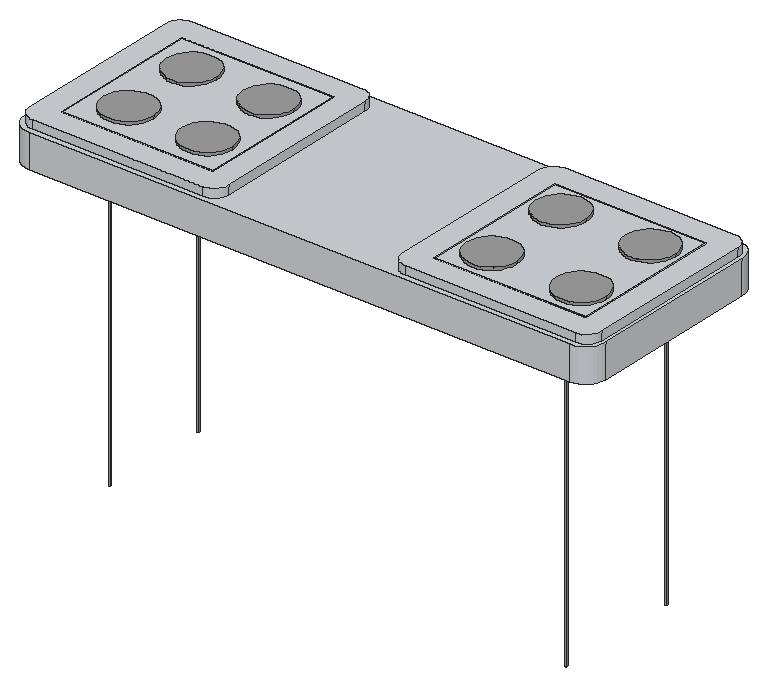
Revit family "LigULing-Industrial-GEWISS-SMART[4]UL_HIGHBAYS-LED_2M", category Apparecchi per illuminazione, Revit 2019
Family settings
  Quota connettore circolare = Usa diametro
  Tipo di parte = Normale
  Numero OmniClass = 23.80.70.00
  Titolo OmniClass = Lighting
  Basato su piano di lavoro = Sì
  Sempre verticale = No
  Taglio con vuoti quando caricato = No
  Sorgente d'illuminazione = No
  Condiviso = No
  Punto di calcolo locali = No
Parameters (values of type "GWS4220GP857 - SMART4HB 2M ST.AL.ON/OFF UL 90° 57K")
  Wiring = "Single wiring with anti-breathing cable exiting metallic PG (NO Connector)"
  Weight (kg): = "6,5"
  Warranty = "5 years"
  Voltaggio = 230 V
  Version file RFA = "20.11"
  Unique digital code (Datamatrix) = "Datamatrix"
  Unified Glare Rating = "UGR - 25"
  URL = "https://www.gewiss.com/ww/en"
  Type of light source = "LED - Not replaceable"
  Tilt- = "With bracket accessory"
  Technical sheet = "https://www.gewiss.com/ww/en/search?q=GWS4220GP857"
  System power = "129W"
  Supply voltage = "120-277 V"
  Stocking temperature = "-"
  Standards and approvals = "-"
  Standard- = "UL 1598 - CSA C22.2 No. 250.0-18"
  Standard Deviation Colour Matching = "SDCM = 3"
  Spostamento_y_etichetta [instance] = 0 mm
  Spostamento_y_effettivo_etichetta [instance] = 1500 mm - Spostamento_y_etichetta  # 1500 mm
  Spostamento_x_etichetta [instance] = 0 mm
  Spostamento_X_effettivo_etichetta [instance] = 1500 mm - Spostamento_x_etichetta  # 1500 mm
  Shock resistance = "IK08"
  Shield type = "Tempered glass Thickness 4mm"
  SEO = ""
  Realized by GEWISS S.p.A. = ""
  Rated frequency (Hz) = "50/60 Hz"
  Produttore = "GEWISS S.p.A."
  Photobiological Risk Class = "RG0"
  Overvoltage protection = "DM 6 kV / CM 10 kV"
  Optic and illuminating features = "-"
  Optic Maintenance = "Non-replaceable"
  Optic : = "Metallic PC reflector and PMMA lenses"
  Optic = "90°"
  Operating temperature : = "-25°C / +40 °C"
  Offset etichetta W [instance] = 150 mm
  Mouting and installation = "Ceiling - Wallmounting - Suspension"
  Modello = "GWS4220GP857"
  Maximum surface exposed to the wind : = "0,184 m²"
  Materials = "-"
  Luminaire = "LED Industrial Reflector "
  Lumen output (lm) = "17800"
  Locking Hook = "-"
  Lifetime = "L90B10 (Tq+25°C) = 100.000 h - L90B10 (Tq+40°C) = 50.000 h"
  Lampada = "LED"
  LED Maintenance = "Non-replaceable"
  Insulation class = "I"
  Installationa and maintenance = "-"
  Immagine tipo = GWL1311.jpg
  IPEA = "-"
  IP degree = "IP66"
  IFC.TypeObject = ""
  IFC.ExportType = ""
  IFC.ExportAs = ""
  IDT = "05376d21caf540b985b33c65cc7972c3"
  IDF = "efad7fad-bc59-42f2-b2a0-928aa5b78dfc"
  Glow Wire Test : = "850 °C"
  General information = "-"
  Gasket = "anti-aging silicone"
  Fixing = "-"
  External screw = "Stainless steel"
  Etichetta wattaggio [instance] = yes
  Trasformatore = none
  Struttura plafoniera = none
  Spessore plafoniera = 40 mm  # constant formula
  Default Elevation = 1219.2 mm  # constant formula
  Proiettsmart2_simb [instance] = yes
  Plafoniera bidimensionale [instance] = not(Proiettsmart2_simb)  # no
  Eletrical and lighting features = "-"
  Electrocod = "2444"
  Efficiency (lm/W) = "138"
  Driver Box = "Built-in"
  Driver = "Included"
  Device with reduced surface temperature = "Yes"
  Description = "SMART[4]HB 2M ST.AL.ON/OFF UL 90° 57K"
  DIN 18032-3 certification = "-"
  Control System : = "ON / OFF"
  Control System = "ON / OFF"
  Context = "Logistics and industrial manufacturing lighting"
  Commenti sul wattaggio = "97W"
  Colour temperature = "5700K"
  Colour : = "Grey RAL 7035"
  Colour = "Grey RAL 7035"
  Color Rendering Index = "CRI-80"
  Classificazione = Lighting
  Classification: = "-"
  Catalogue = "LIGHTING"
  Carico apparente = 97 VA
  Motore = none
  Mascherina = none
  Lunghezza = 699 mm  # constant formula
  Larghezza = 254 mm  # constant formula
  Distanza_tot_plafoniera [instance] = 350 mm
  Dist_sorg_lum = 10 mm  # constant formula
  COBie.Tagnumber = ""
  COBie.CreatedOn = ""
  COBie.CreatebBy = ""
  COBie.ComponentRegisterItemID = ""
  COBie.Component.TagNumber = ""
  COBie.Component.Space = ""
  COBie.Component.SerialNumber = ""
  COBie.Component.InstallationDate = ""
  COBie.Component.Description = ""
  COBie.Component.BarCode = ""
  Body = "PA6 \"Halogen Free\" loaded fibreglass"
  Application = "Internal"
Types (6, lengths in mm): name | Unified Glare Rating | Technical sheet | SEO | Optic : | Optic | Modello | Lumen output (lm) | IDT | Efficiency (lm/W) | Description | Colour temperature
  GWS4220GH840 - SMART4HB 2M ST.AL.ON/OFF UL 60° 40K | "UGR - 22" | "https://www.gewiss.com/ww/en/search?q=GWS4220GH840" | "" | "Metallic PC reflector and PMMA lenses" | "60°" | "GWS4220GH840" | "17500" | "97d5933927124bd8826c758e6a0542df" | "136" | "SMART[4]HB 2M ST.AL.ON/OFF UL 60° 40K" | "4000K"
  GWS4220GH857 - SMART4HB 2M ST.AL.ON/OFF UL 60° 57K | "UGR - 22" | "https://www.gewiss.com/ww/en/search?q=GWS4220GH857" | "" | "Metallic PC reflector and PMMA lenses" | "60°" | "GWS4220GH857" | "17500" | "1507181c991448608e9af723d8da7862" | "136" | "SMART[4]HB 2M ST.AL.ON/OFF UL 60° 57K" | "5700K"
  GWS4220GP840 - SMART4HB 2M ST.AL.ON/OFF UL 90° 40K | "UGR - 25" | "https://www.gewiss.com/ww/en/search?q=GWS4220GP840" | "" | "Metallic PC reflector and PMMA lenses" | "90°" | "GWS4220GP840" | "17800" | "dc7532d3af7f4ef48a0e9343ac62d3e8" | "138" | "SMART[4]HB 2M ST.AL.ON/OFF UL 90° 40K" | "4000K"
  GWS4220GP857 - SMART4HB 2M ST.AL.ON/OFF UL 90° 57K | "UGR - 25" | "https://www.gewiss.com/ww/en/search?q=GWS4220GP857" | "" | "Metallic PC reflector and PMMA lenses" | "90°" | "GWS4220GP857" | "17800" | "05376d21caf540b985b33c65cc7972c3" | "138" | "SMART[4]HB 2M ST.AL.ON/OFF UL 90° 57K" | "5700K"
  GWS4220GA840 - SMART4HB 2M ST.AL.ON/OFF UL ARR.40K | "UGR - 25" | "https://www.gewiss.com/ww/en/search?q=GWS4220GA840" | "High bay" | "Metallized polycarbonate reflector" | "Array" | "GWS4220GA840" | "17500" | "dc2a8f6b1f804ec080b8e0b0a216cd8e" | "136" | "SMART[4]HB 2M ST.AL.ON/OFF UL ARR.40K" | "4000K"
  GWS4220GA857 - SMART4HB 2M ST.AL.ON/OFF UL ARR.57K | "UGR - 25" | "https://www.gewiss.com/ww/en/search?q=GWS4220GA857" | "High bay" | "Metallized polycarbonate reflector" | "Array" | "GWS4220GA857" | "17500" | "5f982d92e69a42babe56401c97b4903c" | "136" | "SMART[4]HB 2M ST.AL.ON/OFF UL ARR.57K" | "5700K"
Reference planes
  plane 1 "Asse sorgente illuminazione (F/B)": y = 0
  plane 2: z = 0
  plane 3 "Asse sorgente illuminazione (L/R)": x = 0
  plane 4 "Prospetto sorgente di illuminazione": z = 1500
  plane 5: x = -349.5
  plane 6: y = 127
  plane 7: x = 349.5
  plane 8: y = -127
  plane 9: x = 344.5
  plane 10: x = -344.5
  plane 11: x = -104.5
  plane 12: x = 104.5
  plane 13: y = -1500
  plane 14: z = 390
  plane 15: z = 390
  plane 16: z = 400
  plane 17: z = 350
  plane 18: y = 0
  plane 19: x = -1500
  plane 20: x = 0
Dimensions and locks
  equal spacing: plane 6, plane 1 "Asse sorgente illuminazione (F/B)", plane 8
  "Larghezza": plane 6 to plane 8
  equal spacing: plane 5, plane 3 "Asse sorgente illuminazione (L/R)", plane 7
  "Lunghezza": plane 5 to plane 7
  locked: plane 5 to plane 10 at 5
  locked: plane 9 to plane 7 at 5
  locked: plane 16 to plane 14 at 10
  locked: plane 15 to plane 17 at 40
  "Distanza_tot_plafoniera": plane 17 to plane 2
  plane 1 "Asse sorgente illuminazione (F/B)" to plane 13 = 1500 mm
  "Spostamento_y_effettivo_etichetta": plane 18 to plane 13
  plane 19 to plane 3 "Asse sorgente illuminazione (L/R)" = 1500 mm
  "Spostamento_X_effettivo_etichetta": plane 19 to plane 20
  aligned and locked: level to plane 2
  aligned and locked: nested 15 to plane 14
  aligned and locked: plane 14 to nested 16
  aligned and locked: plane 16 to nested 8
  aligned and locked: nested 6 to plane 16
  aligned and locked: plane 16 to nested 7
  aligned and locked: nested 5 to plane 16
  aligned and locked: nested 3 to plane 16
  aligned and locked: plane 16 to nested 1
  aligned and locked: nested 4 to plane 16
  aligned and locked: plane 16 to nested 2
  aligned and locked: nested 11 to plane 2  (x2)
  aligned and locked: nested 10 to plane 2
  aligned and locked: nested 9 to plane 2
  aligned and locked: plane 14 to plane 15
  aligned and locked: plane 17 to nested 14
  aligned and locked: nested 17 to plane 18
  aligned and locked: nested 17 to plane 20
  aligned and locked: plane 2 to nested 18
  aligned and locked: plane 2 to nested 11
Nested families
  nested 1: "Gewis - Led" at (171.717, 52, 403), type "Gewis - Led", detail levels medium+fine
  nested 2: "Gewis - Led" at (279.5, 52, 403), type "Gewis - Led", detail levels medium+fine
  nested 3: "Gewis - Led" at (171.717, -52, 403), type "Gewis - Led", detail levels medium+fine
  nested 4: "Gewis - Led" at (279.5, -52, 403), type "Gewis - Led", detail levels medium+fine
  nested 5: "Gewis - Led" at (-174.5, 45, 403) x (-1, 0, 0) z (0, 0, 1), type "Gewis - Led", detail levels medium+fine
  nested 6: "Gewis - Led" at (-269.5, 47.625, 403) x (-1, 0, 0) z (0, 0, 1), type "Gewis - Led", detail levels medium+fine
  nested 7: "Gewis - Led" at (-174.5, -47.089, 403) x (-1, 0, 0) z (0, 0, 1), type "Gewis - Led", detail levels medium+fine
  nested 8: "Gewis - Led" at (-269.5, -47.089, 403) x (-1, 0, 0) z (0, 0, 1), type "Gewis - Led", detail levels medium+fine
  nested 9: "Sospensione_ SMART LAB 4" at (274.838, 81.5, 0), Altezza sospensione <- "Distanza_tot_plafoniera", type "Sospensione_ SMART LAB 4"
    with Altezza sospensione 350 mm, Default Elevation 350 mm
  nested 10: "Sospensione_ SMART LAB 4" at (274.838, -69, 0), Altezza sospensione <- "Distanza_tot_plafoniera", type "Sospensione_ SMART LAB 4"
    with Altezza sospensione 350 mm, Default Elevation 350 mm
  nested 11: "Sospensione_ SMART LAB 4" at (-276.662, -66.5, 0), Altezza sospensione <- "Distanza_tot_plafoniera", type "Sospensione_ SMART LAB 4"
    with Altezza sospensione 350 mm, Default Elevation 350 mm
  nested 12: "PROIETTSMART - 2" at (0, 0, 0), visible <- "Proiettsmart2_simb", type "PROIETTSMART - 2"
  nested 13: "Rappr_ bidimensionale_SMART (4)  4 + 4 L " at (0, 0, 0), visible <- "Plafoniera bidimensionale", type "SMART (4)  4 + 4 L_bidimensionale "
  nested 14: "Struttura_SMART 4" at (0, 0, 390), type "SMART 4 HB - 4+4L"
  nested 15: "mascherina_SMART (4)" at (-224.5, 0, 400) x (-1, 0, 0) z (0, 0, 1), type "Maschera_smart (4) 4L", detail levels fine
  nested 16: "mascherina_SMART (4)" at (224.5, 0, 400), type "Maschera_smart (4) 4L", detail levels fine
  nested 17: "ETICHETTA LIGHT" at (0, 0, 0), type "ETICHETTA LIGHT"
  nested 18: "Sospensione_ SMART LAB 4" at (-276.662, 66.5, 0), Altezza sospensione <- "Distanza_tot_plafoniera", type "Sospensione_ SMART LAB 4"
    with Altezza sospensione 350 mm, Default Elevation 350 mm
Connectors
  electrical at (0.009, -0.098, 350), driven by "Carico apparente"
    settings: on nested 14, index 1, voltage 230 V, apparent load 0 VA, apparent load phase1 97 VA, apparent load phase2 0 VA, apparent load phase3 0 VA, power factor 1, load classification "Lighting", number of poles 2, system type 31, power factor state 1, is connector primary yes, connector utility no, sub classification motor no, connector description ""
Definition of nested family "Gewis - Led"
  Parameters (values of type "Gewis - Led")
    Vetro = none
    Raggio led = 30 mm
    Default Elevation = 1219.2 mm
    Estensione vetro = 3 mm
  Reference planes
    plane 1 "Centro (Fronte/Retro)": y = 0
    plane 2: z = 0
    plane 3 "Centro (Sinistra/Destra)": x = 0
  Forms (mm)
    Extrusion 1, solid, material <- "Vetro"
      sketch origin (0, 0, 0) x (1, 0, 0) y (0, 1, 0)
        loop
          circle (0, 0) r 30
      from -3 to 0
  Dimensions and locks
    "Estensione vetro": level to Extrusion 1
    "Raggio led": radius of Extrusion 1 sketch curve
    aligned and locked: level to plane 2
    aligned and locked: level to Extrusion 1
  Automatic sketch dimensions
    plane 1 "Centro (Fronte/Retro)" to Extrusion 1 sketch curve = 0 mm
    Extrusion 1 sketch curve to plane 3 "Centro (Sinistra/Destra)" = 0 mm
Definition of nested family "Sospensione_ SMART LAB 4"
  Parameters (values of type "Sospensione_ SMART LAB 4")
    Default Elevation = 400 mm
    Altezza sospensione [instance] = 500 mm
  Reference planes
    plane 1 "Center (Front/Back)": y = 0
    plane 2: z = 0
    plane 3 "Center (Left/Right)": x = 0
    plane 4: z = 500
    plane 5: z = 30.7
  Forms (mm)
    Extrusion 1, solid
      sketch origin (0, 0, 0) x (1, 0, 0) y (0, 1, 0)
        loop
          circle (0, -0.028) r 1.25
      from 0 to 500
  Lines and regions (mm)
    model lines, not visible
      curve 1: line (0, 0, 0) -> (0, 0, 9.482)
  Dimensions and locks
    "Altezza sospensione": plane 4 to level
    plane 2 to plane 4 = 500 mm
    aligned and locked: level to plane 2
    aligned and locked: Extrusion 1 to plane 2
    aligned and locked: plane 4 to Extrusion 1
  Automatic sketch dimensions
    Extrusion 1 sketch curve to plane 3 "Center (Left/Right)" = 0 mm
    plane 1 "Center (Front/Back)" to Extrusion 1 sketch curve = 0.028 mm
    curve 1 to plane 3 "Center (Left/Right)" = 0 mm
    curve 1 to level = 0 mm
    curve 1 to curve 1 = 9.482 mm
    radius of Extrusion 1 sketch curve = 1.25 mm
Definition of nested family "Struttura_SMART 4"
  Parameters (values of type "SMART 4 HB - 4+4L")
    Struttura plafoniera = none
    Spessore_plafoniera = 40 mm
    Lunghezza = 699 mm
    Larghezza = 254 mm
  Types (2, lengths in mm): name | Lunghezza | Larghezza
    SMART Lab (4) 4L | 383 | 253
    SMART 4 HB - 4+4L | 699 | 254
  Reference planes
    plane 1 "Asse sorgente illuminazione (F/B)": y = 0
    plane 2: z = 0
    plane 3 "Asse sorgente illuminazione (L/R)": x = 0
    plane 4 "Prospetto sorgente di illuminazione": z = -40
    plane 5 "SX": x = -349.5
    plane 6 "DX": x = 349.5
    plane 7 "DIETRO": y = 127
    plane 8 "AVANTI": y = -127
    plane 9: x = 106.5
    plane 10: x = 338.5
    plane 11: y = -116
    plane 12: y = 116
    plane 13: x = -338.5
    plane 14: x = -106.5
  Forms (mm)
    Extrusion 1, solid, material <- "Struttura plafoniera"
      sketch origin (0, 0, 0) x (1, 0, 0) y (0, 1, 0)
        loop
          line (349.5, -102.595) -> (349.5, 102.59)
          arc (349.5, 102.59) -> (342.35, 119.85) -> (325.09, 127) r 24.41
          line (325.09, 127) -> (-325.009, 127)
          arc (-325.009, 127) -> (-342.554, 119.6) -> (-349.5, 101.871) r 24.499
          line (-349.5, 101.871) -> (-349.5, -102.592)
          arc (-349.5, -102.592) -> (-342.351, -119.851) -> (-325.092, -127) r 24.408
          line (-325.092, -127) -> (325.117, -127)
          arc (325.117, -127) -> (342.334, -119.868) -> (349.465, -102.652) r 24.348
      from -40 to 0
  Dimensions and locks
    equal spacing: plane 5 "SX", plane 3 "Asse sorgente illuminazione (L/R)", plane 6 "DX"
    equal spacing: plane 7 "DIETRO", plane 1 "Asse sorgente illuminazione (F/B)", plane 8 "AVANTI"
    "Lunghezza": plane 5 "SX" to plane 6 "DX"
    "Larghezza": plane 7 "DIETRO" to plane 8 "AVANTI"
    locked: plane 7 "DIETRO" to plane 12 at 11
    locked: plane 11 to plane 8 "AVANTI" at 11
    locked: plane 10 to plane 6 "DX" at 11
    locked: plane 9 to plane 10 at 232
    plane 13 to plane 14 = 232 mm
    locked: plane 5 "SX" to plane 13 at 11
    "Spessore_plafoniera": plane 2 to plane 4 "Prospetto sorgente di illuminazione"
    aligned and locked: level to plane 2
    aligned and locked: Extrusion 1 to plane 5 "SX"
    aligned and locked: Extrusion 1 to plane 8 "AVANTI"  (x2)
    aligned and locked: plane 7 "DIETRO" to Extrusion 1
    aligned and locked: plane 6 "DX" to Extrusion 1
    aligned and locked: plane 4 "Prospetto sorgente di illuminazione" to Extrusion 1
    aligned and locked: plane 2 to Extrusion 1
  Automatic sketch dimensions
    Extrusion 1 sketch curve to plane 5 "SX" = 0 mm
    Extrusion 1 sketch curve to plane 8 "AVANTI" = 0 mm
    Extrusion 1 sketch curve to plane 7 "DIETRO" = 0 mm
    Extrusion 1 sketch curve to plane 6 "DX" = 0 mm
    plane 13 to Extrusion 1 sketch curve = 13.408 mm
    plane 13 to Extrusion 1 sketch curve = 13.491 mm
    Extrusion 1 sketch curve to plane 10 = 13.41 mm
    Extrusion 1 sketch curve to plane 10 = 13.383 mm
    plane 11 to Extrusion 1 sketch curve = 13.348 mm
    Extrusion 1 sketch curve to plane 12 = 14.129 mm
    Extrusion 1 sketch curve to Extrusion 1 sketch curve = 0.056 mm
Definition of nested family "mascherina_SMART (4)"
  Parameters (values of type "Maschera_smart (4) 4L")
    Spessore_mascherina = 10 mm
    Default Elevation = 1219.2 mm
    N.intarsi = (Lunghezza_mascherina - (Bordo * 2)) / 15 mm  # 12
    N._intarsi verticale = (Larghezza_mascherina - (Bordo * 2)) / 17 mm  # 11
    Mascherina = none
    Lunghezza_mascherina = 240 mm
    Larghezza_mascherina = 240 mm
    Distanza_intarsi v. = 41 mm  # constant formula
    Distanza_intarsi = 37 mm  # constant formula
    Bordo = 29 mm
  Reference planes
    plane 1 "Centro (Fronte/Retro)": y = 0
    plane 2: z = 0
    plane 3 "Centro (Sinistra/Destra)": x = 0
    plane 4: x = -120
    plane 5 "Dietro": y = 120
    plane 6: x = 120
    plane 7: y = -120
    plane 8: x = -91
    plane 9: y = -91
    plane 10: x = 91
    plane 11: y = 91
    plane 12: x = -83
    plane 13: y = 94.742
    plane 14: y = -95
    plane 15: z = -10
    plane 16: x = -95
    plane 17: y = 79
    plane 18: y = -79
    plane 19: x = 95
    plane 20: z = -4.799
  Forms (mm)
    Extrusion 1, solid, material <- "Mascherina"
      sketch origin (0, 0, 0) x (1, 0, 0) y (0, 1, 0)
        loop
          arc (-102.5, 120) -> (-114.874, 114.874) -> (-120, 102.5) r 17.5
          line (-120, 102.5) -> (-120, -102.5)
          arc (-120, -102.5) -> (-114.874, -114.874) -> (-102.5, -120) r 17.5
          line (-102.5, -120) -> (102.5, -120)
          arc (102.5, -120) -> (114.874, -114.874) -> (120, -102.5) r 17.5
          line (120, -102.5) -> (120, 102.5)
          arc (120, 102.5) -> (114.874, 114.874) -> (102.5, 120) r 17.5
          line (102.5, 120) -> (-102.5, 120)
        loop
          line (-91, 91) -> (-91, -91) -> (91, -91) -> (91, 91) -> (-91, 91)
      from -10 to 0
    Extrusion 2, solid, material <- "Mascherina"
      sketch origin (0, 0, 0) x (1, 0, 0) y (0, 1, 0)
        loop
          line (-91, 91) -> (-91, -91) -> (91, -91) -> (91, 91) -> (-91, 91)
      from -4.799 to 0
  Dimensions and locks
    equal spacing: plane 4, plane 3 "Centro (Sinistra/Destra)", plane 6
    "Lunghezza_mascherina": plane 4 to plane 6
    equal spacing: plane 5 "Dietro", plane 1 "Centro (Fronte/Retro)", plane 7
    "Larghezza_mascherina": plane 5 "Dietro" to plane 7
    "Bordo": plane 4 to plane 8
    "Bordo": plane 9 to plane 7
    "Bordo": plane 5 "Dietro" to plane 11
    "Bordo": plane 10 to plane 6
    "Distanza_intarsi": plane 4 to plane 12
    locked: plane 13 to plane 11 at 3.742
    "Spessore_mascherina": plane 2 to plane 15
    "Distanza_intarsi v.": plane 5 "Dietro" to plane 17
    "Distanza_intarsi v.": plane 18 to plane 7
    locked: plane 9 to plane 14 at 4
    locked: plane 16 to plane 8 at 4
    locked: plane 10 to plane 19 at 4
    locked: plane 2 to plane 20 at 4.799
    radius of Extrusion 1 sketch curve = 17.5 mm  (x4)
    aligned and locked: level to plane 2
    aligned and locked: plane 4 to Extrusion 1 sketch curve
    aligned and locked: plane 6 to Extrusion 1 sketch curve
    aligned and locked: Extrusion 1 sketch curve to plane 5 "Dietro"
    aligned and locked: Extrusion 1 sketch curve to plane 7
    aligned and locked: Extrusion 1 sketch curve to plane 11
    aligned and locked: plane 8 to Extrusion 1 sketch curve
    aligned and locked: plane 9 to Extrusion 1 sketch curve
    aligned and locked: Extrusion 1 sketch curve to plane 10
    aligned and locked: plane 2 to Extrusion 1
    aligned and locked: Extrusion 1 to plane 15
    aligned and locked: Extrusion 2 sketch curve to plane 10
    aligned and locked: plane 9 to Extrusion 2 sketch curve
    aligned and locked: plane 8 to Extrusion 2 sketch curve
    aligned and locked: Extrusion 2 sketch curve to plane 11
    aligned and locked: plane 2 to Extrusion 2
    aligned and locked: Extrusion 2 to plane 20
Definition of nested family "PROIETTSMART - 2"
  Reference planes
    plane 1 "Centro (Fronte/Retro)": y = 0
    plane 2: z = 0
    plane 3 "Centro (Sinistra/Destra)": x = 0
  Lines and regions (mm)
    model lines, in view "Livello rif."
      curve 1: line (87.132, -21.515, 0) -> (43.932, -0.008, 0)
      curve 2: line (43.932, -0.008, 0) -> (87.132, 21.758, 0)
      curve 3: line (87.132, 21.758, 0) -> (87.132, -21.515, 0)
      curve 4: line (43.932, 21.629, 0) -> (43.932, -21.645, 0)
      curve 5: line (43.932, -0.008, 0) -> (18.672, -0.008, 0)
      curve 6: line (87.132, 0.122, 0) -> (105.785, 0.122, 0)
      curve 7: line (128.701, 66.747, 0) -> (128.701, -66.747, 0)
      curve 8: line (128.701, -66.747, 0) -> (-131.299, -66.747, 0)
      curve 9: line (-131.299, -66.747, 0) -> (-131.299, 66.747, 0)
      curve 10: line (-131.299, 66.747, 0) -> (128.701, 66.747, 0)
      curve 11: line (12.311, 49.667, 0) -> (111.66, 49.667, 0)
      curve 12: line (111.66, 49.667, 0) -> (111.66, -49.683, 0)
      curve 13: line (111.66, -49.683, 0) -> (12.311, -49.683, 0)
      curve 14: line (12.311, -49.683, 0) -> (12.311, 49.667, 0)
      curve 15: line (-39.438, -21.515, 0) -> (-82.637, -0.008, 0)
      curve 16: line (-82.637, -0.008, 0) -> (-39.438, 21.758, 0)
      curve 17: line (-39.438, 21.758, 0) -> (-39.438, -21.515, 0)
      curve 18: line (-82.637, 21.629, 0) -> (-82.637, -21.645, 0)
      curve 19: line (-82.637, -0.008, 0) -> (-107.898, -0.008, 0)
      curve 20: line (-39.438, 0.122, 0) -> (-20.785, 0.122, 0)
      curve 21: line (-114.259, 49.667, 0) -> (-14.909, 49.667, 0)
      curve 22: line (-14.909, 49.667, 0) -> (-14.909, -49.683, 0)
      curve 23: line (-14.909, -49.683, 0) -> (-114.259, -49.683, 0)
      curve 24: line (-114.259, -49.683, 0) -> (-114.259, 49.667, 0)
Definition of nested family "Rappr_ bidimensionale_SMART (4)  4 + 4 L "
  Reference planes
    plane 1 "Centro (Fronte/Retro)": y = 0
    plane 2: z = 0
    plane 3 "Centro (Sinistra/Destra)": x = 0
  Lines and regions (mm)
    model lines, in view "Livello rif."
      curve 1: circle (175.602, 47.039, 0) r 28.619 normal (0, 0, 1)
      curve 2: circle (269.602, -46.961, 0) r 28.619 normal (0, 0, 1)
      curve 3: circle (175.602, -46.961, 0) r 28.619 normal (0, 0, 1)
      curve 4: circle (269.602, 47.039, 0) r 28.619 normal (0, 0, 1)
      curve 5: arc (103.203, -104.051, 0) -> (107.722, -114.924, 0) -> (118.601, -119.425, 0) r 15.398
      curve 6: arc (-118.547, -119.425, 0) -> (-107.659, -114.915, 0) -> (-103.149, -104.027, 0) r 15.398
      curve 7: arc (-103.149, 103.973, 0) -> (-107.668, 114.87, 0) -> (-118.571, 119.371, 0) r 15.398
      curve 8: arc (-326.571, 119.371, 0) -> (-337.453, 114.844, 0) -> (-341.945, 103.948, 0) r 15.398
      curve 9: arc (-341.945, -104.002, 0) -> (-337.444, -114.906, 0) -> (-326.547, -119.425, 0) r 15.398
      curve 10: arc (326.601, -119.425, 0) -> (337.498, -114.906, 0) -> (342, -104.002, 0) r 15.398
      curve 11: arc (342, 103.998, 0) -> (337.472, 114.878, 0) -> (326.577, 119.371, 0) r 15.398
      curve 12: arc (118.577, 119.371, 0) -> (107.713, 114.861, 0) -> (103.203, 103.997, 0) r 15.398
      curve 13: arc (-349.401, -104, 0) -> (-342.727, -120.168, 0) -> (-326.575, -126.881, 0) r 22.854
      curve 14: arc (-326.574, 126.827, 0) -> (-342.707, 120.133, 0) -> (-349.401, 104, 0) r 22.854
      curve 15: arc (349.455, 104, 0) -> (342.742, 120.152, 0) -> (326.574, 126.827, 0) r 22.854
      curve 16: arc (326.573, -126.881, 0) -> (342.761, -120.187, 0) -> (349.455, -104, 0) r 22.854
      curve 17: circle (-175.548, -47.093, 0) r 28.619 normal (0, 0, 1)
      curve 18: circle (-269.548, 46.907, 0) r 28.619 normal (0, 0, 1)
      curve 19: circle (-175.548, 46.907, 0) r 28.619 normal (0, 0, 1)
      curve 20: circle (-269.548, -47.093, 0) r 28.619 normal (0, 0, 1)
      curve 21: line (130.101, -92.527, 0) -> (130.101, 92.473, 0)
      curve 22: line (130.101, 92.473, 0) -> (315.101, 92.473, 0)
      curve 23: line (315.101, 92.473, 0) -> (315.101, -92.527, 0)
      curve 24: line (315.101, -92.527, 0) -> (130.101, -92.527, 0)
      curve 25: line (103.203, -104.051, 0) -> (103.203, 103.997, 0)
      curve 26: line (118.601, -119.425, 0) -> (326.601, -119.425, 0)
      curve 27: line (-326.547, -119.425, 0) -> (-118.547, -119.425, 0)
      curve 28: line (-103.149, -104.027, 0) -> (-103.149, 103.973, 0)
      curve 29: line (-326.571, 119.371, 0) -> (-118.571, 119.371, 0)
      curve 30: line (-341.945, -104.002, 0) -> (-341.945, 103.948, 0)
      curve 31: line (342, -104.002, 0) -> (342, 103.998, 0)
      curve 32: line (118.577, 119.371, 0) -> (326.577, 119.371, 0)
      curve 33: line (-349.401, -104, 0) -> (-349.401, 104, 0)
      curve 34: line (326.574, 126.827, 0) -> (-326.574, 126.827, 0)
      curve 35: line (349.455, -104, 0) -> (349.455, 104, 0)
      curve 36: line (326.573, -126.881, 0) -> (-326.575, -126.881, 0)
      curve 37: line (-130.047, -92.527, 0) -> (-315.047, -92.527, 0)
      curve 38: line (-315.047, -92.527, 0) -> (-315.047, 92.473, 0)
      curve 39: line (-315.047, 92.473, 0) -> (-130.047, 92.473, 0)
      curve 40: line (-130.047, 92.473, 0) -> (-130.047, -92.527, 0)
Definition of nested family "ETICHETTA LIGHT"
  Parameters (values of type "ETICHETTA LIGHT")
    COMMENTI = "236W"
  Reference planes
    plane 1: y = 0
    plane 2: x = 0
  Text (mm)
    label "COMMENTI" at (-0.057, 0.105, 0), shows "COMMENTI"
